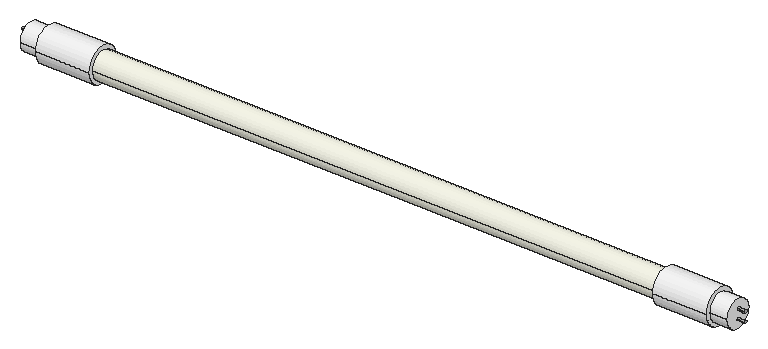
Revit family "STH9607_30_40_65", category Luminárias, Revit 2023
Family settings
  Cota do conector redondo = Utilizar diâmetro
  Tipo de parte = Normal
  Com base no plano de trabalho = Não
  Sempre na vertical = Sim
  Corte com vazios quando carregada = Não
  Fonte luminosa = Sim
  Manter orientação da anotação = Não
  Compartilhado = Não
  Ponto de cálculo do ambiente = Não
Parameters (values of type "STH9607/30 - BIVOLT - 3000K - 900lm - 200°")
  Ângulo de inclinação = 90.00°
  Ângulo de Abertura = "200°"
  Wattage = 6.05889 W
  Luminoso = Luminoso - 3000K
  URL = "https://stella.com.br/"
  Troca de temperatura da cor de lâmpada com esmaecimento = <Nenhum>
  Tensão Elétrica = "100V-240V"
  built-in parameter 1150107 = 3000 (stored number, unit not read)
  Temperatura da cor (K) = 3000 K
  Referência = "STH9607/30 - BIVOLT"
  Potência = 9 W
  built-in parameter 1150110 = 1 (stored number, unit not read)
  built-in parameter 1150109 = 1 (stored number, unit not read)
  built-in parameter 1114218 = 1 (stored number, unit not read)
  built-in parameter 1150112 = 1 (stored number, unit not read)
  built-in parameter 1150113 = 1 (stored number, unit not read)
  built-in parameter 1150132 = 2
  built-in parameter 1150137 = (empty or 0)
  Modelo = "Tubular T8 60cm"
  built-in parameter 1150106 = 0.7162 (stored number, unit not read)
  built-in parameter 1150102 = (empty or 0)
  built-in parameter 1150105 = 71.62 (stored number, unit not read)
  IRC (Índice de reprodução de cores) = ">80"
  Grau de proteção (IP) = "IP20"
  Fluxo Luminoso = 900 lm
  Color Filter = 16777215
  built-in parameter 1114217 = 1 (stored number, unit not read)
  built-in parameter 1150139 = (empty or 0)
  Fabricante = "Stella"
  Estrutura = Al - Branco
  Default Elevation = 0.00 m
  built-in parameter 1150104 = 13.8 (stored number, unit not read)
  Diâmetro = 0.028 m
  Dimerização = "Não dimerizável"
  built-in parameter 1150115 = 1 (stored number, unit not read)
  built-in parameter 1150114 = 1 (stored number, unit not read)
  Cromado = Cromado
  Lumens = 900 lm
  built-in parameter 1150138 = (empty or 0)
  built-in parameter 1150134 = (empty or 0)
  Comprimento = 0.604 m
  Arquivo de rede fotométrica = "STELLA - STH9607-30 - TUBULAR T8 9W.ies"
  built-in parameter 1150133 = 10 (stored number, unit not read)
Types (4, lengths in m): name | Luminoso | built-in parameter 1150107 | Temperatura da cor (K) | Referência | built-in parameter 1150134 | Arquivo de rede fotométrica
  (no name) | Luminoso - 3000K | 3000 (stored number, unit not read) | 3000 K | "STH9607/30 - BIVOLT" | (empty or 0) | "STELLA - STH9607-30 - TUBULAR T8 9W.ies"
  STH9607/30 - BIVOLT - 3000K - 900lm - 200° | Luminoso - 3000K | 3000 (stored number, unit not read) | 3000 K | "STH9607/30 - BIVOLT" | (empty or 0) | "STELLA - STH9607-30 - TUBULAR T8 9W.ies"
  STH9607/40 - BIVOLT - 4000K - 900lm - 200° | Luminoso - 4000K | 4000 (stored number, unit not read) | 4000 K | "STH9607/40 - BIVOLT" | 12 | "STELLA - STH9607-40 - TUBULAR T8 9W.ies"
  STH9607/65 - BIVOLT - 6500K - 900lm - 200° | Luminoso - 6500K | 6500 (stored number, unit not read) | 6500 K | "STH9607/65 - BIVOLT" | 1 | "STELLA - STH9607-65 - TUBULAR T8 9W 60CM.ies"
Reference planes (m)
  plane 1 "Centro (Frente/Trás)": y = -0.031228
  plane 2: z = 0
  plane 3 "Centro (Esquerda/Direita)": x = 0
  plane 4: y = -0.017228
  plane 5: y = -0.045228
  plane 6: x = -0.302
  plane 7: x = 0.302
  plane 8 "Superior": z = 0.028
Forms (m)
  Extrusion 1, solid, material "Luminoso - 3000K" <- "Luminoso"
    sketch origin (0, 0, 0) x (0, 1, 0) y (0, 0, 1)
      loop
        circle (-0.031228, 0.014) r 0.011
      loop
        circle (-0.031228, 0.014) r 0.0108
    from -0.2355 to 0.2355
  Extrusion 2, solid, material "Al - Branco" <- "Estrutura"
    sketch origin (0, 0, 0) x (0, 1, 0) y (0, 0, 1)
      loop
        circle (-0.031228, 0.014) r 0.014
      loop
        circle (-0.031228, 0.014) r 0.011
    from 0.2355 to 0.2805
  Extrusion 3, solid, material "Al - Branco" <- "Estrutura"
    sketch origin (0, 0, 0) x (0, 1, 0) y (0, 0, 1)
      loop
        circle (-0.031228, 0.014) r 0.011
    from 0.2805 to 0.2955
  Extrusion 4, solid, material "Cromado" <- "Cromado"
    sketch origin (0, 0, 0) x (0, 1, 0) y (0, 0, 1)
      loop
        circle (-0.031228, 0.018) r 0.001
      loop
        circle (-0.031228, 0.01) r 0.001
    from 0.2955 to 0.302
  Extrusion 5, solid, material "Al - Branco" <- "Estrutura"
    sketch origin (0, 0, 0) x (0, 1, 0) y (0, 0, -1)
      loop
        circle (-0.031228, -0.014) r 0.014
      loop
        circle (-0.031228, -0.014) r 0.011
    from 0.2355 to 0.2805
  Extrusion 6, solid, material "Al - Branco" <- "Estrutura"
    sketch origin (0, 0, 0) x (0, 1, 0) y (0, 0, -1)
      loop
        circle (-0.031228, -0.014) r 0.011
    from 0.2805 to 0.2955
  Extrusion 7, solid, material "Cromado" <- "Cromado"
    sketch origin (0, 0, 0) x (0, 1, 0) y (0, 0, -1)
      loop
        circle (-0.031228, -0.018) r 0.001
      loop
        circle (-0.031228, -0.01) r 0.001
    from 0.2955 to 0.302
Dimensions and locks (m)
  "Comprimento": plane 6 to plane 7
  "Diâmetro": plane 4 to plane 5
  aligned and locked: level to plane 2
Automatic sketch dimensions
  Extrusion 1 sketch curve to Extrusion 1 sketch curve = 0.00 m  (x12)
  Extrusion 1 sketch curve to plane 1 "Centro (Frente/Trás)" = 0.00 m
  level to Extrusion 1 sketch curve = 0.014 m
  plane 5 to Extrusion 1 sketch curve = 0.0032 m
  Extrusion 1 sketch curve to Extrusion 1 sketch curve = 0.0002 m
  Extrusion 2 sketch curve to Extrusion 2 sketch curve = 0.00 m  (x12)
  Extrusion 2 sketch curve to plane 5 = 0.00 m
  Extrusion 2 sketch curve to plane 1 "Centro (Frente/Trás)" = 0.00 m
  level to Extrusion 2 sketch curve = 0.014 m
  Extrusion 2 sketch curve to Extrusion 2 sketch curve = 0.003 m
  Extrusion 3 sketch curve to Extrusion 3 sketch curve = 0.00 m  (x2)
  Extrusion 3 sketch curve to plane 1 "Centro (Frente/Trás)" = 0.00 m
  level to Extrusion 3 sketch curve = 0.014 m
  plane 5 to Extrusion 3 sketch curve = 0.003 m
  Extrusion 4 sketch curve to Extrusion 4 sketch curve = 0.00 m  (x4)
  Extrusion 4 sketch curve to plane 1 "Centro (Frente/Trás)" = 0.00 m  (x2)
  level to Extrusion 4 sketch curve = 0.01 m
  Extrusion 4 sketch curve to Extrusion 4 sketch curve = 0.008 m
  plane 1 "Centro (Frente/Trás)" to Extrusion 4 sketch curve = 0.001 m  (x2)
  Extrusion 5 sketch curve to Extrusion 5 sketch curve = 0.00 m  (x12)
  Extrusion 5 sketch curve to plane 5 = 0.00 m
  Extrusion 5 sketch curve to plane 1 "Centro (Frente/Trás)" = 0.00 m
  level to Extrusion 5 sketch curve = 0.014 m
  Extrusion 5 sketch curve to Extrusion 5 sketch curve = 0.003 m
  Extrusion 6 sketch curve to Extrusion 6 sketch curve = 0.00 m  (x2)
  Extrusion 6 sketch curve to plane 1 "Centro (Frente/Trás)" = 0.00 m
  level to Extrusion 6 sketch curve = 0.014 m
  plane 5 to Extrusion 6 sketch curve = 0.003 m
  Extrusion 7 sketch curve to Extrusion 7 sketch curve = 0.00 m  (x4)
  Extrusion 7 sketch curve to plane 1 "Centro (Frente/Trás)" = 0.00 m  (x2)
  Extrusion 7 sketch curve to plane 8 "Superior" = 0.01 m
  Extrusion 7 sketch curve to Extrusion 7 sketch curve = 0.008 m
  plane 1 "Centro (Frente/Trás)" to Extrusion 7 sketch curve = 0.001 m  (x2)
Connectors (m)
  electrical at (0, -0.031228, 0.028)
    settings: index 1, voltage 0 V, apparent load 0 VA, apparent load phase1 0 VA, apparent load phase2 0 VA, apparent load phase3 0 VA, power factor 1, load classification "Outro", number of poles 1, system type 31, power factor state 1, is connector primary yes, connector utility no, sub classification motor no, connector description ""
